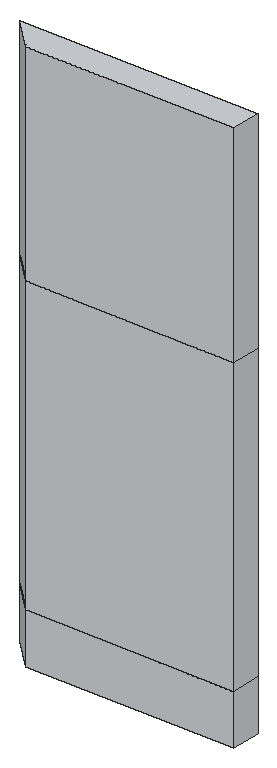
Revit family "EXP_WT-1C_CPan-017", category Curtain Panels, Revit 2021
Family settings
  OmniClass Number = 23.25.20.14.11.11.17
  OmniClass Title = Infill Panels
  Always vertical = Yes
  Cut with Voids When Loaded = No
  Shared = No
Parameters (values of type "H2 = 8'  5 1/2"")
  UI-UnitNumber [instance] = "01"
  UI-Quadrant [instance] = "SE"
  UI-ProjectAbbreviation = "NEU"
  UI-ItemCategory = "PID"
  UI-FloorNumber [instance] = "03"
  PNT-WallType = "WT1A"
  PNT-ProjectAbbreviation = "NEU"
  PNT-PanelType [instance] = "01"
  PNT-ItemCategory = "PNL"
  GlassH3 [instance] = none
  GlassH2 [instance] = none
  GlassH1 [instance] = none
  Define Thermal Properties by = Schematic Type
  CellSp = 0' - 10 3/16"
  CellL [instance] = 6' - 10"
  CellH3 [instance] = CellH - (CellH1 + CellH2)  # 1' - 5 1/2"
  CellH2 = 8' - 5 1/2"
  CellH1 = 6' - 0 1/2"
  CellH [instance] = 15' - 11 1/2"
  CellAngle = 45.00°
  Analytic Construction = "<None>"
Reference planes (in)
  plane 1 "Center (Front/Back)": y = 0
  plane 2: z = 0
  plane 3 "Center (Left/Right)": x = 0
  plane 4 "Left": x = -41
  plane 5 "Right": x = 41
  plane 6 "Top": z = 191.5
  plane 7: z = 119
  plane 8: y = -10.1875
  plane 9: z = 17.5
Forms (in)
  Extrusion 1, solid, material <- "GlassH3"
    sketch origin (0, 0, 0) x (1, 0, 0) y (0, 1, 0)
      loop
        line (41, 0) -> (-41, 0) -> (-30.8125, -10.1875) -> (41, -10.1875) -> (41, 0)
    from 0 to 17.5
  Extrusion 2, solid, material <- "GlassH2"
    sketch origin (0, 0, 0) x (1, 0, 0) y (0, 1, 0)
      loop
        line (41, 0) -> (-41, 0) -> (-30.8125, -10.1875) -> (41, -10.1875) -> (41, 0)
    from 17.5 to 119
  Extrusion 3, solid, material <- "GlassH1"
    sketch origin (0, 0, 0) x (1, 0, 0) y (0, 1, 0)
      loop
        line (41, 0) -> (-41, 0) -> (-30.8125, -10.1875) -> (41, -10.1875) -> (41, 0)
    from 119 to 191.5
Lines and regions (in)
  reference lines
    curve 1: line (-41, 0, 0) -> (4.25483, -45.25483, 0)
Text (in)
  text "Exterior" at (-92.59733, 55.75508, 0), in view "Ref. Level"
  text "Exterior" at (0, 90.18664, 173.49264), in view "Left"
  text "Exterior" at (0, 52.29083, 162.21847), in view "Right"
Dimensions and locks (in)
  equal spacing: plane 4 "Left", plane 3 "Center (Left/Right)", plane 5 "Right"  (x2)
  "CellH1": plane 7 to plane 6 "Top"
  "CellH2": plane 9 to plane 7
  "CellH": plane 2 to plane 6 "Top"
  "CellSp": plane 8 to plane 1 "Center (Front/Back)"
  "CellL": plane 4 "Left" to plane 5 "Right"
  "CellAngle": angle curve 1 to plane 1 "Center (Front/Back)"
  aligned and locked: level to plane 2
  aligned and locked: Extrusion 1 sketch curve to plane 1 "Center (Front/Back)"
  aligned and locked: Extrusion 1 sketch curve to plane 8
  aligned and locked: Extrusion 1 sketch curve to plane 5 "Right"
  aligned and locked: Extrusion 1 sketch curve to curve 1
  aligned and locked: plane 9 to Extrusion 1
  aligned and locked: Extrusion 1 to plane 2
  aligned and locked: Extrusion 2 sketch curve to plane 1 "Center (Front/Back)"
  aligned and locked: Extrusion 2 sketch curve to plane 8
  aligned and locked: Extrusion 2 sketch curve to plane 5 "Right"
  aligned and locked: Extrusion 2 sketch curve to curve 1
  aligned and locked: plane 7 to Extrusion 2
  aligned and locked: Extrusion 2 to plane 9
  aligned and locked: Extrusion 3 sketch curve to plane 1 "Center (Front/Back)"
  aligned and locked: Extrusion 3 sketch curve to plane 8
  aligned and locked: Extrusion 3 sketch curve to plane 5 "Right"
  aligned and locked: Extrusion 3 sketch curve to curve 1
  aligned and locked: Extrusion 3 to plane 6 "Top"
  aligned and locked: Extrusion 3 to plane 7
  aligned and locked: nested 1 to plane 4 "Left"
  aligned and locked: nested 1 to plane 5 "Right"
  aligned and locked: nested 2 to Extrusion 3
  aligned and locked: nested 2 to level
  aligned and locked: plane 6 "Top" to nested 2
  aligned and locked: plane 1 "Center (Front/Back)" to nested 3
  aligned and locked: plane 2 to Extrusion 1
  aligned and locked: nested 3 to plane 6 "Top"
  aligned and locked: plane 4 "Left" to nested 3
  aligned and locked: plane 5 "Right" to nested 3
Automatic sketch dimensions
  plane 1 "Center (Front/Back)" to curve 1 = 0' - 0"
  curve 1 to plane 4 "Left" = 0' - 0"
Nested families (in)
  nested 1: "EXP_WT-1A_DetO-002" at (-41, 0, 0), CellAngle <- "CellAngle", type "EXP_WT-1A_DetO-002"
    with built-in parameter 1001306 6.8333 (stored number, unit not read), CellAngle 45.00°
  nested 2: "EXP_WT-1A_DetO-004" at (0, 0, 191.5) x (0, 0, -1) z (1, 0, 0), CellH1 <- "CellH1", CellH2 <- "CellH2", type "EXP_WT-1A_DetO-004"
    with built-in parameter 1001306 15.958 (stored number, unit not read), CellH2 8' - 5 1/2", CellH1 6' - 0 1/2"
  nested 3: "EXP_xx_DetO-002" at (0, 0, 0), CellH <- "CellH", CellL <- "CellL", type "EXP_xx_DetO-002", detail levels coarse
    with CellL 6' - 10", CellH 15' - 11 1/2"
Definition of nested family "EXP_WT-1A_DetO-002"
  Parameters (values of type "EXP_WT-1A_DetO-002")
    built-in parameter 1001306 [instance] = 5' - 2.99213"
    CellAngle [instance] = 45.00°
  Reference planes (in)
    plane 1 "Center (Front/Back)": y = 0
    plane 2: z = 0
    plane 3 "Left": x = 0
    plane 4 "Right": x = 62.99213
  Lines and regions (in)
    reference lines, in view "Ref. Level"
      curve 1: line (0, 0, 0) -> (62.99213, 0, 0)
      curve 17: line (0, 0, 0) -> (16.97056, -16.97056, 0)
    detail lines, in view "Ref. Level"
      curve 2: line (-0.30429, 0, 0) -> (-0.00849, 0, 0)
      curve 3: line (-0.30429, 0, 0) -> (-0.00849, 0, 0)
      curve 4: line (62.99213, -0.81795, 0) -> (62.99213, -10.1875, 0)
      curve 5: line (62.99213, -10.1875, 0) -> (60.99213, -10.1875, 0)
      curve 6: line (60.99213, -10.1875, 0) -> (60.99213, -2.43678, 0)
      curve 7: line (60.99213, -2.43678, 0) -> (62.44632, -2.43678, 0)
      curve 8: line (62.44632, -2.43678, 0) -> (62.44632, 0, 0)
      curve 9: line (62.44632, 0, 0) -> (62.74213, 0, 0)
      curve 10: line (62.74213, 0, 0) -> (62.74213, -0.81795, 0)
      curve 11: line (62.99213, -0.81795, 0) -> (62.74213, -0.81795, 0)
      curve 12: line (-0.30429, 0, 0) -> (-0.00849, 0, 0)
      curve 13: line (2.83381, 0, 0) -> (62.04971, 0, 0)
      curve 14: line (2.83381, -1.31, 0) -> (2.83381, 0, 0)
      curve 15: line (2.83381, -1.31, 0) -> (62.04971, -1.31, 0)
      curve 16: line (62.04971, -1.31, 0) -> (62.04971, 0, 0)
      curve 18: line (2.35972, -2.35972, 0) -> (10.125, -10.1875, 0)
      curve 19: line (12.59763, -10.1875, 0) -> (10.125, -10.1875, 0)
      curve 20: line (4.3571, -1.88308, 0) -> (12.59763, -10.1875, 0)
      curve 21: line (2.8356, -1.88308, 0) -> (4.3571, -1.88308, 0)
      curve 22: line (2.35972, -2.35972, 0) -> (2.8356, -1.88308, 0)
  Dimensions and locks (in)
    "built-in parameter 1001306": plane 3 "Left" to plane 4 "Right"
    "CellAngle": angle curve 17 to plane 1 "Center (Front/Back)"
    aligned and locked: plane 1 "Center (Front/Back)" to curve 1
    aligned and locked: plane 3 "Left" to curve 1
    aligned and locked: plane 4 "Right" to curve 1
    aligned and locked: curve 4 to plane 4 "Right"
    aligned and locked: curve 12 to curve 1
    aligned and locked: curve 1 to curve 13
    aligned and locked: curve 5 to curve 19
  Automatic sketch dimensions
    plane 1 "Center (Front/Back)" to curve 9 = 0' - 0"
    curve 2 to curve 2 = 0' - 0.2958"
    curve 7 to plane 4 "Right" = 0' - 2"
    curve 9 to plane 4 "Right" = 0' - 0.5458"
    curve 10 to curve 4 = 0' - 0 1/4"
    plane 1 "Center (Front/Back)" to curve 4 = 0' - 0.81795"
    curve 7 to curve 10 = 0' - 1.61883"
    curve 16 to curve 10 = 0' - 0.69242"
    curve 16 to curve 10 = 0' - 0.49205"
    curve 3 to curve 13 = 0' - 2.8423"
    curve 14 to curve 20 = 0' - 1.52329"
    curve 19 to curve 20 = 0' - 2.47263"
    curve 14 to curve 21 = 0' - 0.00179"
    curve 22 to curve 22 = 0' - 0.47588"
    curve 22 to curve 22 = 0' - 0.47664"
    plane 1 "Center (Front/Back)" to curve 21 = 0' - 1.88308"
    plane 3 "Left" to curve 20 = 1' - 0.59763"
    plane 3 "Left" to curve 21 = 0' - 4.3571"
    curve 5 to curve 6 = 0' - 7.75072"
Definition of nested family "EXP_WT-1A_DetO-004"
  Parameters (values of type "EXP_WT-1A_DetO-004")
    built-in parameter 1001306 [instance] = 12' - 11"
    CellH2 [instance] = 5' - 8"
    CellH1 [instance] = 3' - 3"
    CellH [instance] = 12' - 11"
  Reference planes (in)
    plane 1 "Center (Front/Back)": y = 0
    plane 2: z = 0
    plane 3 "Left": x = 0
    plane 4 "Right": x = 155
    plane 5: x = 39
    plane 6: x = 107
  Lines and regions (in)
    reference lines, in view "Ref. Level"
      curve 1: line (0, 0, 0) -> (155, 0, 0)
    detail lines, in view "Ref. Level"
      curve 2: line (37.25001, -10.1875, 0) -> (37.25001, -2.41263, 0)
      curve 3: line (37.25001, -2.41263, 0) -> (40.74999, -2.41263, 0)
      curve 4: line (40.74999, -2.41263, 0) -> (40.74999, -10.1875, 0)
      curve 5: line (40.74999, -10.1875, 0) -> (37.25001, -10.1875, 0)
      curve 6: line (39.27639, -2.185, 0) -> (39.27639, 0, 0)
      curve 7: line (39.27639, 0, 0) -> (106.72361, 0, 0)
      curve 8: line (106.72361, -2.185, 0) -> (39.27639, -2.185, 0)
      curve 9: line (38.52639, -1.31, 0) -> (38.52639, 0, 0)
      curve 10: line (38.52639, 0, 0) -> (1.19241, 0, 0)
      curve 11: line (38.52639, -1.31, 0) -> (1.19241, -1.31, 0)
      curve 12: line (0, -10.1875, 0) -> (2.125, -10.1875, 0)
      curve 13: line (0, -0.81812, 0) -> (0, -10.1875, 0)
      curve 14: line (0.5, 0, 0) -> (0.5, -0.81812, 0)
      curve 15: line (0.5, 0, 0) -> (0.7958, 0, 0)
      curve 16: line (0, -0.81812, 0) -> (0.5, -0.81812, 0)
      curve 17: line (0.7958, -2.43676, 0) -> (0.7958, 0, 0)
      curve 18: line (2.125, -2.43676, 0) -> (0.7958, -2.43676, 0)
      curve 19: line (2.125, -10.1875, 0) -> (2.125, -2.43676, 0)
      curve 20: line (1.19241, -1.31, 0) -> (1.19241, 0, 0)
      curve 21: line (155, 60, 0) -> (155, -10.1875, 0)
      curve 22: line (155, -10.1875, 0) -> (151.625, -10.1875, 0)
      curve 23: line (151.625, -10.1875, 0) -> (151.625, -2.43679, 0)
      curve 24: line (151.625, -2.43679, 0) -> (154.2042, -2.43679, 0)
      curve 25: line (154.2042, -2.43679, 0) -> (154.2042, 0, 0)
      curve 26: line (154.5, 0, 0) -> (154.5, -0.81812, 0)
      curve 27: line (154.2042, 0, 0) -> (154.5, 0, 0)
      curve 28: line (155, -0.81812, 0) -> (154.5, -0.81812, 0)
      curve 29: line (155, -0.81812, 0) -> (155, -10.1875, 0)
      curve 30: line (153.80789, -1.31, 0) -> (153.80789, 0, 0)
      curve 31: line (105.25001, -10.1875, 0) -> (108.74999, -10.1875, 0)
      curve 32: line (105.25001, -2.41263, 0) -> (105.25001, -10.1875, 0)
      curve 33: line (108.74999, -10.1875, 0) -> (108.74999, -2.41263, 0)
      curve 34: line (108.74999, -2.41263, 0) -> (105.25001, -2.41263, 0)
      curve 35: line (106.72361, -2.185, 0) -> (106.72361, 0, 0)
      curve 36: line (107.47361, -1.31, 0) -> (153.80789, -1.31, 0)
      curve 37: line (107.47361, -1.31, 0) -> (107.47361, 0, 0)
      curve 38: line (153.80789, 0, 0) -> (107.47361, 0, 0)
  Dimensions and locks (in)
    "built-in parameter 1001306": plane 3 "Left" to plane 4 "Right"
    "CellH": plane 3 "Left" to plane 4 "Right"
    "CellH1": plane 3 "Left" to plane 5
    "CellH2": plane 5 to plane 6
    aligned and locked: plane 1 "Center (Front/Back)" to curve 1
    aligned and locked: plane 3 "Left" to curve 1
    aligned and locked: plane 4 "Right" to curve 1
    aligned and locked: curve 1 to curve 7
    aligned and locked: curve 10 to plane 1 "Center (Front/Back)"
    aligned and locked: curve 13 to plane 3 "Left"
    aligned and locked: curve 1 to curve 15
    aligned and locked: curve 21 to plane 4 "Right"
    aligned and locked: curve 29 to plane 4 "Right"
    aligned and locked: curve 38 to curve 7
    aligned and locked: curve 5 to curve 12
    aligned and locked: curve 5 to curve 31
    aligned and locked: curve 22 to curve 31
  Automatic sketch dimensions
    plane 5 to curve 3 = 0' - 1 3/4"
    plane 1 "Center (Front/Back)" to curve 3 = 0' - 2.41263"
    curve 5 to plane 5 = 0' - 1 3/4"
    plane 5 to curve 6 = 0' - 0.27639"
    curve 6 to curve 6 = 0' - 2.185"
    curve 9 to plane 5 = 0' - 0.47361"
    plane 1 "Center (Front/Back)" to curve 13 = 0' - 0.81812"
    plane 3 "Left" to curve 14 = 0' - 0 1/2"
    curve 14 to curve 17 = 0' - 0.2958"
    curve 17 to curve 18 = 0' - 1.3292"
    curve 18 to curve 14 = 0' - 1.61864"
    curve 14 to curve 20 = 0' - 0.69242"
    curve 20 to curve 14 = 0' - 0.49188"
    curve 21 to plane 1 "Center (Front/Back)" = 5' - 0"
    curve 24 to curve 24 = 0' - 2.5792"
    plane 1 "Center (Front/Back)" to curve 27 = 0' - 0"
    curve 25 to curve 26 = 0' - 0.2958"
    curve 28 to curve 28 = 0' - 0 1/2"
    curve 30 to curve 24 = 0' - 0.39631"
    curve 24 to curve 30 = 0' - 1.12679"
    plane 1 "Center (Front/Back)" to curve 26 = 0' - 0.81812"
    curve 32 to plane 6 = 0' - 1 3/4"
    plane 6 to curve 31 = 0' - 1 3/4"
    plane 1 "Center (Front/Back)" to curve 33 = 0' - 2.41263"
    curve 35 to plane 6 = 0' - 0.27639"
    curve 36 to curve 37 = 0' - 1.31"
    plane 6 to curve 38 = 0' - 0.47361"
    curve 21 to curve 24 = 0' - 7.75071"
Definition of nested family "EXP_xx_DetO-002"
  Parameters (values of type "EXP_xx_DetO-002")
    Default Elevation = 0' - 0"
    CellL [instance] = 5' - 4.56693"
    CellH [instance] = 5' - 2.99213"
  Reference planes (in)
    plane 1 "Center (Front/Back)": y = 0
    plane 2: z = 0
    plane 3 "Center (Left/Right)": x = 0
    plane 4: x = -32.28346
    plane 5: x = 32.28346
    plane 6: z = 62.99213
  Lines and regions (in)
    model lines
      curve 1: line (-32.28346, 0, 62.99213) -> (32.28346, 0, 0)
      curve 2: line (32.28346, 0, 62.99213) -> (-32.28346, 0, 0)
  Dimensions and locks (in)
    "CellH": plane 6 to level
    equal spacing: plane 4, plane 3 "Center (Left/Right)", plane 5
    "CellL": plane 4 to plane 5
    aligned and locked: level to plane 2
  Automatic sketch dimensions
    curve 2 to level = 0' - 0"
    plane 4 to curve 2 = 0' - 0"
    plane 4 to curve 1 = 0' - 0"
    plane 5 to curve 2 = 0' - 0"
    curve 1 to level = 0' - 0"
    plane 5 to curve 1 = 0' - 0"
    curve 2 to plane 6 = 0' - 0"
    curve 1 to plane 6 = 0' - 0"
